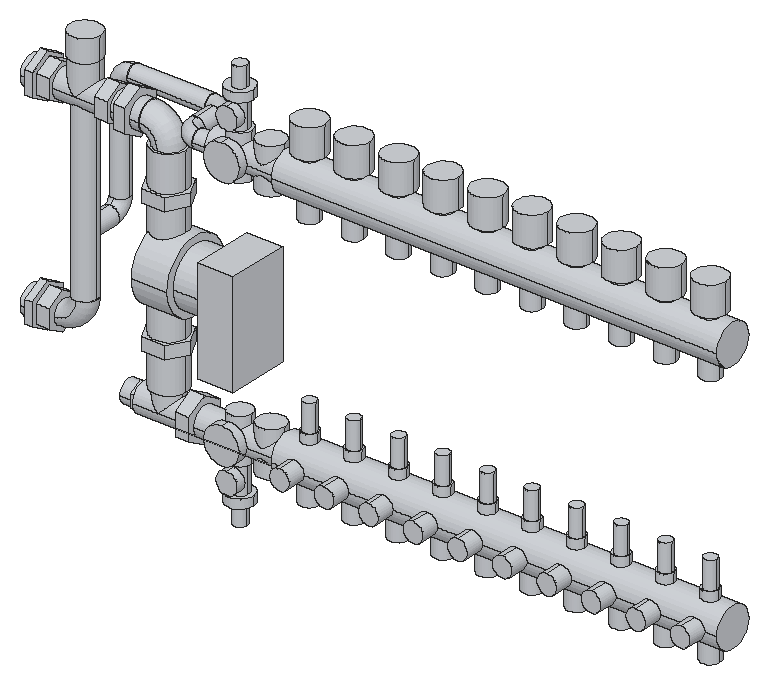
Revit family "318_9a689d3108a543b69a2137953e2806", category Pipe Accessories, Revit 2017
Family settings
  Round Connector Dimension = Use Diameter
  Part Type = Valve - Normal
  Work Plane-Based = No
  Always vertical = Yes
  Cut with Voids When Loaded = No
  Shared = No
Parameters (values of type "R559NY010")
  magi_piping_qv_2_9 [instance] = 0.0 L/s
  magi_piping_qv_2_8 [instance] = 0.0 L/s
  magi_piping_qv_2_7 [instance] = 0.0 L/s
  magi_piping_qv_2_6 [instance] = 0.0 L/s
  magi_piping_qv_2_5 [instance] = 0.0 L/s
  magi_piping_qv_2_4 [instance] = 0.0 L/s
  magi_piping_qv_2_3 [instance] = 0.0 L/s
  magi_piping_qv_2_2 [instance] = 0.0 L/s
  magi_piping_qv_2_10 [instance] = 0.0 L/s
  magi_piping_qv_2_1 [instance] = 0.0 L/s
  magi_piping_qv_1_9 [instance] = 0.0 L/s
  magi_piping_qv_1_8 [instance] = 0.0 L/s
  magi_piping_qv_1_7 [instance] = 0.0 L/s
  magi_piping_qv_1_6 [instance] = 0.0 L/s
  magi_piping_qv_1_5 [instance] = 0.0 L/s
  magi_piping_qv_1_4 [instance] = 0.0 L/s
  magi_piping_qv_1_3 [instance] = 0.0 L/s
  magi_piping_qv_1_2 [instance] = 0.0 L/s
  magi_piping_qv_1_10 [instance] = 0.0 L/s
  magi_piping_qv_1_1 [instance] = 0.0 L/s
  magi_piping_qv [instance] = 0.0 L/s
  magi_piping_power_9 [instance] = 0 W
  magi_piping_power_8 [instance] = 0 W
  magi_piping_power_7 [instance] = 0 W
  magi_piping_power_6 [instance] = 0 W
  magi_piping_power_5 [instance] = 0 W
  magi_piping_power_4 [instance] = 0 W
  magi_piping_power_3 [instance] = 0 W
  magi_piping_power_2 [instance] = 0 W
  magi_piping_power_10 [instance] = 0 W
  magi_piping_power_1 [instance] = 0 W
  magi_piping_kv_9 [instance] = 0
  magi_piping_kv_8 [instance] = 0
  magi_piping_kv_7 [instance] = 0
  magi_piping_kv_6 [instance] = 0
  magi_piping_kv_5 [instance] = 0
  magi_piping_kv_4 [instance] = 0
  magi_piping_kv_3 [instance] = 0
  magi_piping_kv_2 [instance] = 0
  magi_piping_kv_10 [instance] = 0
  magi_piping_kv_1 [instance] = 0
  magi_piping_dpTot_9 [instance] = 0.0 Pa
  magi_piping_dpTot_8 [instance] = 0.0 Pa
  magi_piping_dpTot_7 [instance] = 0.0 Pa
  magi_piping_dpTot_6 [instance] = 0.0 Pa
  magi_piping_dpTot_5 [instance] = 0.0 Pa
  magi_piping_dpTot_4 [instance] = 0.0 Pa
  magi_piping_dpTot_3 [instance] = 0.0 Pa
  magi_piping_dpTot_2 [instance] = 0.0 Pa
  magi_piping_dpTot_10 [instance] = 0.0 Pa
  magi_piping_dpTot_1 [instance] = 0.0 Pa
  magi_adjustmentValue_9 [instance] = ""
  magi_adjustmentValue_8 [instance] = ""
  magi_adjustmentValue_7 [instance] = ""
  magi_adjustmentValue_6 [instance] = ""
  magi_adjustmentValue_5 [instance] = ""
  magi_adjustmentValue_4 [instance] = ""
  magi_adjustmentValue_3 [instance] = ""
  magi_adjustmentValue_2 [instance] = ""
  magi_adjustmentValue_10 [instance] = ""
  magi_adjustmentValue_1 [instance] = ""
  magiProductId = "9a689d3108a543b69a2137953e2806"
  magiProductFamilyId = "9a689d3108a543b69a2137953e2806"
  magiProductCode = "R559NY010"
  magiPartTypeId = 318
  X1 = 312 mm
  VersionID = "2.0/2016.10.37.0/GIACOMINI_R559N_001"
  VL1 = 287 mm
  URL = "http://www.giacomini.com/en"
  SMP = 25 mm
  SBP9 = 18 mm
  SBP8 = 18 mm
  SBP7 = 18 mm
  SBP6 = 18 mm
  SBP5 = 18 mm
  SBP4 = 18 mm
  SBP3 = 18 mm
  SBP2 = 18 mm
  SBP12 = 18 mm
  SBP11 = 18 mm
  SBP10 = 18 mm
  SBP1 = 18 mm
  RMP = 25 mm
  RBP9 = 18 mm
  RBP8 = 18 mm
  RBP7 = 18 mm
  RBP6 = 18 mm
  RBP5 = 18 mm
  RBP4 = 18 mm
  RBP3 = 18 mm
  RBP2 = 18 mm
  RBP12 = 18 mm
  RBP11 = 18 mm
  RBP10 = 18 mm
  RBP1 = 18 mm
  R2 = 22 mm
  QmdConnectorList = "321;SMP;322;SBP1;323;SBP2;324;SBP3;325;SBP4;326;SBP5;327;SBP6;328;SBP7;329;SBP8;330;SBP9;331;SBP10;351;RMP;352;RBP1;353;RBP2;354;RBP3;355;RBP4;356;RBP5;357;RBP6;358;RBP7;359;RBP8;360;RBP9;361;RBP10"
  Productdata [instance] = "© Progman Oy, all rights reserved"
  N9 = yes
  N8 = yes
  N7 = yes
  N6 = yes
  N5 = yes
  N12 = no
  N11 = no
  N10 = yes
  Manufacturer = "Giacomini"
  MC_Default_elevation = 0 mm
  L = 500 mm
  I = 50 mm
  H5 = 33 mm
  H4 = 5 mm
  H3__ve = -H3  # -40 mm
  H3 = 40 mm
  H2__ve = -H2  # -20 mm
  H2 = 20 mm
  H12 = 30 mm
  H11 = 10 mm
  Flow supply main [instance] = Flow supply 1 + Flow supply 2 + Flow supply 3 + Flow supply 4 + Flow supply 5 + Flow supply 6 + Flow supply 7 + Flow supply 8 + Flow supply 9 + Flow supply 10  # 0.0 L/s
  Flow supply 9 [instance] = 0.0 L/s
  Flow supply 8 [instance] = 0.0 L/s
  Flow supply 7 [instance] = 0.0 L/s
  Flow supply 6 [instance] = 0.0 L/s
  Flow supply 5 [instance] = 0.0 L/s
  Flow supply 4 [instance] = 0.0 L/s
  Flow supply 3 [instance] = 0.0 L/s
  Flow supply 2 [instance] = 0.0 L/s
  Flow supply 10 [instance] = 0.0 L/s
  Flow supply 1 [instance] = 0.0 L/s
  Flow return main [instance] = Flow return 1 + Flow return 2 + Flow return 3 + Flow return 4 + Flow return 5 + Flow return 6 + Flow return 7 + Flow return 8 + Flow return 9 + Flow return 10  # 0.0 L/s
  Flow return 9 [instance] = 0.0 L/s
  Flow return 8 [instance] = 0.0 L/s
  Flow return 7 [instance] = 0.0 L/s
  Flow return 6 [instance] = 0.0 L/s
  Flow return 5 [instance] = 0.0 L/s
  Flow return 4 [instance] = 0.0 L/s
  Flow return 3 [instance] = 0.0 L/s
  Flow return 2 [instance] = 0.0 L/s
  Flow return 10 [instance] = 0.0 L/s
  Flow return 1 [instance] = 0.0 L/s
  E = 285 mm
  Description = "MANIFOLD WITH MIXING VALVE AND ELECTRONIC REGULATION"
  D4 = 22 mm
  D32 = 14 mm
  D31 = 18 mm
  D2 = 44 mm
  CAT0 = yes
Reference planes
  plane 1 "Center (Front/Back)": y = 0
  plane 2 "XYPLANE": z = 0
  plane 3 "Center (Left/Right)": x = 0
  plane 4 "INIT_TEMP": y = 100
  plane 5 "634": y = -5
  plane 6 "630": y = 10
  plane 7 "629": x = 192
  plane 8 "626": x = 177
  plane 9 "621": x = 162
  plane 10 "619": z = 0
  plane 11 "615": x = 75
  plane 12 "614": z = -15
  plane 13 "611": y = 50
  plane 14 "607": z = -126
  plane 15 "606": y = 35
  plane 16 "603": z = -141
  plane 17 "598": x = 122
  plane 18 "595": x = 133
  plane 19 "256": z = -325
  plane 20 "255": z = -162.5
  plane 21 "254": x = 214
  plane 22 "253": x = 184
  plane 23 "252": z = -142.5
  plane 24 "251": x = 144
  plane 25 "250": z = -210
  plane 26 "249": z = 36
  plane 27 "248": z = 67
  plane 28 "247": z = 57
  plane 29 "246": z = 41
  plane 30 "245": z = 25
  plane 31 "244": x = 234
  plane 32 "243": x = 126
  plane 33 "242": z = -231
  plane 34 "241": x = 137
  plane 35 "240": x = 194
  plane 36 "239": y = -16
  plane 37 "238": y = -9
  plane 38 "237": z = -326
  plane 39 "236": z = -352
  plane 40 "235": z = -342
  plane 41 "234": z = -224
  plane 42 "233": z = -264
  plane 43 "232": z = -61
  plane 44 "231": z = -21
  plane 45 "230": x = 287
  plane 46 "229": z = -263
  plane 47 "228": x = 0
  plane 48 "227": y = 0
  plane 49 "226": z = -285
  plane 50 "225": z = 0
  plane 51 "224": z = 22
  plane 52 "223": x = 312
  plane 53 "222": x = 362
  plane 54 "221": y = -22
  plane 55 "220": x = 412
  plane 56 "219": x = 462
  plane 57 "218": x = 512
  plane 58 "217": x = 562
  plane 59 "216": x = 612
  plane 60 "215": x = 662
  plane 61 "214": x = 712
  plane 62 "213": x = 762
  plane 63 "212": x = 812
  plane 64 "211": x = 862
  plane 65 "210": z = -310
  plane 66 "209": z = 27
  plane 67 "208": z = -253
  plane 68 "207": x = 154
  plane 69 "206": z = 25
  plane 70 "205": x = 269
  plane 71 "204": z = -260
  plane 72 "203": x = 60
  plane 73 "202": x = 100
  plane 74 "201": x = 20
  plane 75 "200": x = 35
  plane 76 "199": z = -206
  plane 77 "198": z = -40
  plane 78 "4": x = 10
Forms (mm)
  Extrusion 1, solid
    sketch origin (192, -750, 0) x (0, 1, 0) y (0, 0, 1)
      loop
        circle (745, 0) r 10
    from 0 to 15
  Revolve 2, solid
    sketch origin (177, 10, 0) x (0, 0, -1) y (1, 0, 0)
      loop
        circle (0, 0) r 10
      axis (-10, 15) -> (10, 15)
    angle from 0 to -90
  Extrusion 3, solid
    sketch origin (750, 35, 0) x (-1, 0, 0) y (0, 0, 1)
      loop
        circle (573, 0) r 10
    from 0 to -25
  Revolve 4, solid
    sketch origin (162, 50, 0) x (0, 1, 0) y (0, 0, 1)
      loop
        circle (0, 0) r 10
      axis (-15, 0) -> (-15, 1)
    angle from 0 to -90
  Extrusion 5, solid
    sketch origin (75, -750, 0) x (0, 1, 0) y (0, 0, 1)
      loop
        circle (800, 0) r 10
    from 0 to 87
  Revolve 6, solid
    sketch origin (60, 50, -15) x (1, 0, 0) y (0, 1, 0)
      loop
        circle (0, 0) r 10
      axis (15, 0) -> (15, -1)
    angle from 0 to -90
  Extrusion 7, solid
    sketch origin (-750, 0, -126) x (1, 0, 0) y (0, 1, 0)
      loop
        circle (810, 50) r 10
    from 0 to 111
  Revolve 8, solid
    sketch origin (60, 35, -141) x (0, 0, 1) y (1, 0, 0)
      loop
        circle (0, 0) r 10
      axis (15, 0) -> (15, -1)
    angle from 0 to -90
  Extrusion 9, solid
    sketch origin (750, 0, 0) x (-1, 0, 0) y (0, 0, 1)
      loop
        circle (690, -141) r 10
    from 0 to 35
  Revolve 10, solid
    sketch origin (133, 0, 0) x (0, 1, 0) y (0, 0, 1)
      loop
        circle (0, 0) r 16
      axis (16, -21) -> (-16, -21)
    angle from 0 to -90
  Extrusion 11, solid
    sketch origin (10, -750, 0) x (0, 1, 0) y (0, 0, 1)
      loop
        line (750, 25) -> (728.349, 12.5) -> (728.349, -12.5) -> (750, -25) -> (771.651, -12.5) -> (771.651, 12.5) -> (750, 25)
    from 0 to 8
  Extrusion 12, solid
    sketch origin (0, -750, 0) x (0, 1, 0) y (0, 0, 1)
      loop
        circle (750, 0) r 16
    from 0 to 133
  Extrusion 13, solid
    sketch origin (-750, 0, 36) x (1, 0, 0) y (0, 1, 0)
      loop
        circle (810, 0) r 17
    from 0 to 25
  Extrusion 14, solid
    sketch origin (214, -750, 0) x (0, 1, 0) y (0, 0, 1)
      loop
        line (715, -104.5) -> (715, -220.5) -> (785, -220.5) -> (785, -104.5) -> (715, -104.5)
    from 0 to 40
  Extrusion 15, solid
    sketch origin (184, -750, 0) x (0, 1, 0) y (0, 0, 1)
      loop
        circle (750, -142.5) r 32.5
    from 0 to 30
  Extrusion 16, solid
    sketch origin (144, -750, 0) x (0, 1, 0) y (0, 0, 1)
      loop
        circle (750, -142.5) r 40
    from 0 to 40
  Extrusion 17, solid
    sketch origin (-750, 0, -210) x (1, 0, 0) y (0, 1, 0)
      loop
        circle (904, 0) r 19
    from 0 to 135
  Extrusion 18, solid
    sketch origin (-750, 0, 0) x (1, 0, 0) y (0, 1, 0)
      loop
        circle (810, 0) r 16
    from 0 to 36
  Extrusion 19, solid
    sketch origin (750, -16, 0) x (-1, 0, 0) y (0, 0, 1)
      loop
        circle (516, 0) r 20
    from 0 to -10
  Extrusion 20, solid
    sketch origin (-750, 0, 25) x (1, 0, 0) y (0, 1, 0)
      loop
        circle (984, 0) r 9
    from 0 to 32
  Extrusion 21, solid
    sketch origin (-750, 0, 57) x (1, 0, 0) y (0, 1, 0)
      loop
        circle (984, 0) r 15
    from 0 to 10
  Extrusion 22, solid
    sketch origin (-750, 0, 67) x (1, 0, 0) y (0, 1, 0)
      loop
        circle (984, 0) r 7.5
    from 0 to 22
  Extrusion 23, solid
    sketch origin (750, -9, 0) x (-1, 0, 0) y (0, 0, 1)
      loop
        circle (516, 41) r 12
    from 0 to -10
  Extrusion 24, solid
    sketch origin (-750, 0, 25) x (1, 0, 0) y (0, 1, 0)
      loop
        circle (984, 0) r 13
    from 0 to -50
  Extrusion 25, solid
    sketch origin (750, -16, 0) x (-1, 0, 0) y (0, 0, 1)
      loop
        circle (516, -285) r 20
    from 0 to -10
  Extrusion 26, solid
    sketch origin (750, -9, 0) x (-1, 0, 0) y (0, 0, 1)
      loop
        circle (516, -326) r 12
    from 0 to -10
  Extrusion 27, solid
    sketch origin (-750, 0, -352) x (1, 0, 0) y (0, 1, 0)
      loop
        circle (984, 0) r 7.5
    from 0 to -22
  Extrusion 28, solid
    sketch origin (-750, 0, -342) x (1, 0, 0) y (0, 1, 0)
      loop
        circle (984, 0) r 15
    from 0 to -10
  Extrusion 29, solid
    sketch origin (-750, 0, -310) x (1, 0, 0) y (0, 1, 0)
      loop
        circle (984, 0) r 9
    from 0 to -32
  Extrusion 30, solid
    sketch origin (-750, 0, -264) x (1, 0, 0) y (0, 1, 0)
      loop
        circle (904, 0) r 19
    from 0 to 40
  Extrusion 31, solid
    sketch origin (-750, 0, -285) x (1, 0, 0) y (0, 1, 0)
      loop
        circle (904, 0) r 16
    from 0 to 21
  Extrusion 32, solid
    sketch origin (-750, 0, -224) x (1, 0, 0) y (0, 1, 0)
      loop
        line (929, 0) -> (916.5, 21.651) -> (891.5, 21.651) -> (879, 0) -> (891.5, -21.651) -> (916.5, -21.651) -> (929, 0)
    from 0 to 14
  Extrusion 33, solid
    sketch origin (-750, 0, -61) x (1, 0, 0) y (0, 1, 0)
      loop
        line (879, 0) -> (891.5, -21.651) -> (916.5, -21.651) -> (929, 0) -> (916.5, 21.651) -> (891.5, 21.651) -> (879, 0)
    from 0 to -14
  Extrusion 34, solid
    sketch origin (-750, 0, -21) x (1, 0, 0) y (0, 1, 0)
      loop
        circle (904, 0) r 19
    from 0 to -40
  Extrusion 35, solid, visible <- "CAT0"
    sketch origin (126, -750, 0) x (0, 1, 0) y (0, 0, 1)
      loop
        circle (750, -285) r 12.5
    from 0 to -17
  Extrusion 36, solid
    sketch origin (137, -750, 0) x (0, 1, 0) y (0, 0, 1)
      loop
        line (750, -270) -> (737.01, -277.5) -> (737.01, -292.5) -> (750, -300) -> (762.99, -292.5) -> (762.99, -277.5) -> (750, -270)
    from 0 to -15
  Extrusion 37, solid
    sketch origin (122, -750, 0) x (0, 1, 0) y (0, 0, 1)
      loop
        line (750, 25) -> (728.349, 12.5) -> (728.349, -12.5) -> (750, -25) -> (771.651, -12.5) -> (771.651, 12.5) -> (750, 25)
    from 0 to -13
  Extrusion 38, solid
    sketch origin (287, -750, 0) x (0, 1, 0) y (0, 0, 1)
      loop
        circle (750, 0) r 16
    from 0 to -80
  Extrusion 39, solid
    sketch origin (194, -750, 0) x (0, 1, 0) y (0, 0, 1)
      loop
        line (750, -260) -> (728.349, -272.5) -> (728.349, -297.5) -> (750, -310) -> (771.651, -297.5) -> (771.651, -272.5) -> (750, -260)
    from 0 to -15
  Extrusion 40, solid
    sketch origin (287, -750, 0) x (0, 1, 0) y (0, 0, 1)
      loop
        circle (750, -285) r 16
    from 0 to -161
  Extrusion 41, solid, visible <- "N10"
    sketch origin (-750, 0, 0) x (1, 0, 0) y (0, 1, 0)
      loop
        circle (1512, 0) r 11
    from 0 to -40 <- "H3__ve"
  Extrusion 42, solid, visible <- "N10"
    sketch origin (-750, 0, 22) x (1, 0, 0) y (0, 1, 0)
      loop
        circle (1512, 0) r 11
    from 0 to 5 <- "H4"
  Extrusion 43, solid, visible <- "N10"
    sketch origin (-750, 0, 27) x (1, 0, 0) y (0, 1, 0)
      loop
        circle (1512, 0) r 17.5
    from 0 to 33 <- "H5"
  Extrusion 44, solid, visible <- "N12"
    sketch origin (-750, 0, 27) x (1, 0, 0) y (0, 1, 0)
      loop
        circle (1612, 0) r 17.5
    from 0 to 33 <- "H5"
  Extrusion 45, solid, visible <- "N12"
    sketch origin (-750, 0, 22) x (1, 0, 0) y (0, 1, 0)
      loop
        circle (1612, 0) r 11
    from 0 to 5 <- "H4"
  Extrusion 46, solid, visible <- "N12"
    sketch origin (-750, 0, 0) x (1, 0, 0) y (0, 1, 0)
      loop
        circle (1612, 0) r 11
    from 0 to -40 <- "H3__ve"
  Extrusion 47, solid, visible <- "N11"
    sketch origin (-750, 0, 0) x (1, 0, 0) y (0, 1, 0)
      loop
        circle (1562, 0) r 11
    from 0 to -40 <- "H3__ve"
  Extrusion 48, solid, visible <- "N11"
    sketch origin (-750, 0, 22) x (1, 0, 0) y (0, 1, 0)
      loop
        circle (1562, 0) r 11
    from 0 to 5 <- "H4"
  Extrusion 49, solid, visible <- "N11"
    sketch origin (-750, 0, 27) x (1, 0, 0) y (0, 1, 0)
      loop
        circle (1562, 0) r 17.5
    from 0 to 33 <- "H5"
  Extrusion 50, solid, visible <- "N8"
    sketch origin (-750, 0, 27) x (1, 0, 0) y (0, 1, 0)
      loop
        circle (1412, 0) r 17.5
    from 0 to 33 <- "H5"
  Extrusion 51, solid, visible <- "N8"
    sketch origin (-750, 0, 22) x (1, 0, 0) y (0, 1, 0)
      loop
        circle (1412, 0) r 11
    from 0 to 5 <- "H4"
  Extrusion 52, solid, visible <- "N8"
    sketch origin (-750, 0, 0) x (1, 0, 0) y (0, 1, 0)
      loop
        circle (1412, 0) r 11
    from 0 to -40 <- "H3__ve"
  Extrusion 53, solid, visible <- "N9"
    sketch origin (-750, 0, 0) x (1, 0, 0) y (0, 1, 0)
      loop
        circle (1462, 0) r 11
    from 0 to -40 <- "H3__ve"
  Extrusion 54, solid, visible <- "N9"
    sketch origin (-750, 0, 22) x (1, 0, 0) y (0, 1, 0)
      loop
        circle (1462, 0) r 11
    from 0 to 5 <- "H4"
  Extrusion 55, solid, visible <- "N9"
    sketch origin (-750, 0, 27) x (1, 0, 0) y (0, 1, 0)
      loop
        circle (1462, 0) r 17.5
    from 0 to 33 <- "H5"
  Extrusion 56, solid, visible <- "N7"
    sketch origin (-750, 0, 27) x (1, 0, 0) y (0, 1, 0)
      loop
        circle (1362, 0) r 17.5
    from 0 to 33 <- "H5"
  Extrusion 57, solid, visible <- "N7"
    sketch origin (-750, 0, 22) x (1, 0, 0) y (0, 1, 0)
      loop
        circle (1362, 0) r 11
    from 0 to 5 <- "H4"
  Extrusion 58, solid, visible <- "N7"
    sketch origin (-750, 0, 0) x (1, 0, 0) y (0, 1, 0)
      loop
        circle (1362, 0) r 11
    from 0 to -40 <- "H3__ve"
  Extrusion 59, solid, visible <- "N6"
    sketch origin (-750, 0, 0) x (1, 0, 0) y (0, 1, 0)
      loop
        circle (1312, 0) r 11
    from 0 to -40 <- "H3__ve"
  Extrusion 60, solid, visible <- "N6"
    sketch origin (-750, 0, 22) x (1, 0, 0) y (0, 1, 0)
      loop
        circle (1312, 0) r 11
    from 0 to 5 <- "H4"
  Extrusion 61, solid, visible <- "N6"
    sketch origin (-750, 0, 27) x (1, 0, 0) y (0, 1, 0)
      loop
        circle (1312, 0) r 17.5
    from 0 to 33 <- "H5"
  Extrusion 62, solid, visible <- "N5"
    sketch origin (-750, 0, 27) x (1, 0, 0) y (0, 1, 0)
      loop
        circle (1262, 0) r 17.5
    from 0 to 33 <- "H5"
  Extrusion 63, solid, visible <- "N5"
    sketch origin (-750, 0, 22) x (1, 0, 0) y (0, 1, 0)
      loop
        circle (1262, 0) r 11
    from 0 to 5 <- "H4"
  Extrusion 64, solid, visible <- "N5"
    sketch origin (-750, 0, 0) x (1, 0, 0) y (0, 1, 0)
      loop
        circle (1262, 0) r 11
    from 0 to -40 <- "H3__ve"
  Extrusion 65, solid
    sketch origin (-750, 0, 0) x (1, 0, 0) y (0, 1, 0)
      loop
        circle (1212, 0) r 11
    from 0 to -40 <- "H3__ve"
  Extrusion 66, solid
    sketch origin (-750, 0, 22) x (1, 0, 0) y (0, 1, 0)
      loop
        circle (1212, 0) r 11
    from 0 to 5 <- "H4"
  Extrusion 67, solid
    sketch origin (-750, 0, 27) x (1, 0, 0) y (0, 1, 0)
      loop
        circle (1212, 0) r 17.5
    from 0 to 33 <- "H5"
  Extrusion 68, solid
    sketch origin (-750, 0, 27) x (1, 0, 0) y (0, 1, 0)
      loop
        circle (1162, 0) r 17.5
    from 0 to 33 <- "H5"
  Extrusion 69, solid
    sketch origin (-750, 0, 22) x (1, 0, 0) y (0, 1, 0)
      loop
        circle (1162, 0) r 11
    from 0 to 5 <- "H4"
  Extrusion 70, solid
    sketch origin (-750, 0, 22) x (1, 0, 0) y (0, 1, 0)
      loop
        circle (1112, 0) r 11
    from 0 to 5 <- "H4"
  Extrusion 71, solid
    sketch origin (-750, 0, 27) x (1, 0, 0) y (0, 1, 0)
      loop
        circle (1112, 0) r 17.5
    from 0 to 33 <- "H5"
  Extrusion 72, solid
    sketch origin (-750, 0, 27) x (1, 0, 0) y (0, 1, 0)
      loop
        circle (1062, 0) r 17.5
    from 0 to 33 <- "H5"
  Extrusion 73, solid
    sketch origin (-750, 0, 22) x (1, 0, 0) y (0, 1, 0)
      loop
        circle (1062, 0) r 11
    from 0 to 5 <- "H4"
  Extrusion 74, solid
    sketch origin (-750, 0, 0) x (1, 0, 0) y (0, 1, 0)
      loop
        circle (1162, 0) r 11
    from 0 to -40 <- "H3__ve"
  Extrusion 75, solid
    sketch origin (-750, 0, 0) x (1, 0, 0) y (0, 1, 0)
      loop
        circle (1062, 0) r 11
    from 0 to -40 <- "H3__ve"
  Extrusion 76, solid
    sketch origin (-750, 0, 0) x (1, 0, 0) y (0, 1, 0)
      loop
        circle (1112, 0) r 11
    from 0 to -40 <- "H3__ve"
  Extrusion 77, solid
    sketch origin (287, -750, 0) x (0, 1, 0) y (0, 0, 1)
      loop
        circle (750, 0) r 22
    from 0 to 500 <- "L"
  Extrusion 78, solid, visible <- "N8"
    sketch origin (-750, 0, -285) x (1, 0, 0) y (0, 1, 0)
      loop
        circle (1412, 0) r 11
    from 0 to -40 <- "H3__ve"
  Extrusion 79, solid, visible <- "N9"
    sketch origin (-750, 0, -285) x (1, 0, 0) y (0, 1, 0)
      loop
        circle (1462, 0) r 11
    from 0 to -40 <- "H3__ve"
  Extrusion 80, solid, visible <- "N10"
    sketch origin (-750, 0, -285) x (1, 0, 0) y (0, 1, 0)
      loop
        circle (1512, 0) r 11
    from 0 to -40 <- "H3__ve"
  Extrusion 81, solid, visible <- "N11"
    sketch origin (-750, 0, -285) x (1, 0, 0) y (0, 1, 0)
      loop
        circle (1562, 0) r 11
    from 0 to -40 <- "H3__ve"
  Extrusion 82, solid, visible <- "N12"
    sketch origin (-750, 0, -285) x (1, 0, 0) y (0, 1, 0)
      loop
        circle (1612, 0) r 11
    from 0 to -40 <- "H3__ve"
  Extrusion 83, solid, visible <- "N7"
    sketch origin (-750, 0, -285) x (1, 0, 0) y (0, 1, 0)
      loop
        circle (1362, 0) r 11
    from 0 to -40 <- "H3__ve"
  Extrusion 84, solid, visible <- "N6"
    sketch origin (-750, 0, -285) x (1, 0, 0) y (0, 1, 0)
      loop
        circle (1312, 0) r 11
    from 0 to -40 <- "H3__ve"
  Extrusion 85, solid, visible <- "N5"
    sketch origin (-750, 0, -285) x (1, 0, 0) y (0, 1, 0)
      loop
        circle (1262, 0) r 11
    from 0 to -40 <- "H3__ve"
  Extrusion 86, solid
    sketch origin (-750, 0, -285) x (1, 0, 0) y (0, 1, 0)
      loop
        circle (1212, 0) r 11
    from 0 to -40 <- "H3__ve"
  Extrusion 87, solid
    sketch origin (-750, 0, -285) x (1, 0, 0) y (0, 1, 0)
      loop
        circle (1162, 0) r 11
    from 0 to -40 <- "H3__ve"
  Extrusion 88, solid
    sketch origin (-750, 0, -285) x (1, 0, 0) y (0, 1, 0)
      loop
        circle (1112, 0) r 11
    from 0 to -40 <- "H3__ve"
  Extrusion 89, solid
    sketch origin (-750, 0, -285) x (1, 0, 0) y (0, 1, 0)
      loop
        circle (1062, 0) r 11
    from 0 to -40 <- "H3__ve"
  Extrusion 90, solid
    sketch origin (287, -750, 0) x (0, 1, 0) y (0, 0, 1)
      loop
        circle (750, -285) r 22
    from 0 to 500 <- "L"
  Extrusion 91, solid
    sketch origin (-750, 0, -263) x (1, 0, 0) y (0, 1, 0)
      loop
        circle (1062, 0) r 9
    from 0 to 10 <- "H11"
  Extrusion 92, solid
    sketch origin (750, -22, 0) x (-1, 0, 0) y (0, 0, 1)
      loop
        circle (438, -285) r 11
    from 0 to -20 <- "H2__ve"
  Extrusion 93, solid
    sketch origin (750, -22, 0) x (-1, 0, 0) y (0, 0, 1)
      loop
        circle (388, -285) r 11
    from 0 to -20 <- "H2__ve"
  Extrusion 94, solid
    sketch origin (750, -22, 0) x (-1, 0, 0) y (0, 0, 1)
      loop
        circle (338, -285) r 11
    from 0 to -20 <- "H2__ve"
  Extrusion 95, solid
    sketch origin (-750, 0, -253) x (1, 0, 0) y (0, 1, 0)
      loop
        circle (1062, 0) r 7
    from 0 to 30 <- "H12"
  Extrusion 96, solid
    sketch origin (-750, 0, -253) x (1, 0, 0) y (0, 1, 0)
      loop
        circle (1112, 0) r 7
    from 0 to 30 <- "H12"
  Extrusion 97, solid
    sketch origin (-750, 0, -263) x (1, 0, 0) y (0, 1, 0)
      loop
        circle (1112, 0) r 9
    from 0 to 10 <- "H11"
  Extrusion 98, solid
    sketch origin (-750, 0, -263) x (1, 0, 0) y (0, 1, 0)
      loop
        circle (1162, 0) r 9
    from 0 to 10 <- "H11"
  Extrusion 99, solid
    sketch origin (-750, 0, -253) x (1, 0, 0) y (0, 1, 0)
      loop
        circle (1162, 0) r 7
    from 0 to 30 <- "H12"
  Extrusion 100, solid
    sketch origin (-750, 0, -253) x (1, 0, 0) y (0, 1, 0)
      loop
        circle (1212, 0) r 7
    from 0 to 30 <- "H12"
  Extrusion 101, solid
    sketch origin (-750, 0, -263) x (1, 0, 0) y (0, 1, 0)
      loop
        circle (1212, 0) r 9
    from 0 to 10 <- "H11"
  Extrusion 102, solid
    sketch origin (750, -22, 0) x (-1, 0, 0) y (0, 0, 1)
      loop
        circle (288, -285) r 11
    from 0 to -20 <- "H2__ve"
  Extrusion 103, solid, visible <- "N5"
    sketch origin (750, -22, 0) x (-1, 0, 0) y (0, 0, 1)
      loop
        circle (238, -285) r 11
    from 0 to -20 <- "H2__ve"
  Extrusion 104, solid, visible <- "N5"
    sketch origin (-750, 0, -263) x (1, 0, 0) y (0, 1, 0)
      loop
        circle (1262, 0) r 9
    from 0 to 10 <- "H11"
  Extrusion 105, solid, visible <- "N5"
    sketch origin (-750, 0, -253) x (1, 0, 0) y (0, 1, 0)
      loop
        circle (1262, 0) r 7
    from 0 to 30 <- "H12"
  Extrusion 106, solid, visible <- "N6"
    sketch origin (-750, 0, -253) x (1, 0, 0) y (0, 1, 0)
      loop
        circle (1312, 0) r 7
    from 0 to 30 <- "H12"
  Extrusion 107, solid, visible <- "N6"
    sketch origin (-750, 0, -263) x (1, 0, 0) y (0, 1, 0)
      loop
        circle (1312, 0) r 9
    from 0 to 10 <- "H11"
  Extrusion 108, solid, visible <- "N6"
    sketch origin (750, -22, 0) x (-1, 0, 0) y (0, 0, 1)
      loop
        circle (188, -285) r 11
    from 0 to -20 <- "H2__ve"
  Extrusion 109, solid, visible <- "N7"
    sketch origin (750, -22, 0) x (-1, 0, 0) y (0, 0, 1)
      loop
        circle (138, -285) r 11
    from 0 to -20 <- "H2__ve"
  Extrusion 110, solid, visible <- "N7"
    sketch origin (-750, 0, -263) x (1, 0, 0) y (0, 1, 0)
      loop
        circle (1362, 0) r 9
    from 0 to 10 <- "H11"
  Extrusion 111, solid, visible <- "N7"
    sketch origin (-750, 0, -253) x (1, 0, 0) y (0, 1, 0)
      loop
        circle (1362, 0) r 7
    from 0 to 30 <- "H12"
  Extrusion 112, solid, visible <- "N8"
    sketch origin (-750, 0, -253) x (1, 0, 0) y (0, 1, 0)
      loop
        circle (1412, 0) r 7
    from 0 to 30 <- "H12"
  Extrusion 113, solid, visible <- "N8"
    sketch origin (-750, 0, -263) x (1, 0, 0) y (0, 1, 0)
      loop
        circle (1412, 0) r 9
    from 0 to 10 <- "H11"
  Extrusion 114, solid, visible <- "N8"
    sketch origin (750, -22, 0) x (-1, 0, 0) y (0, 0, 1)
      loop
        circle (88, -285) r 11
    from 0 to -20 <- "H2__ve"
  Extrusion 115, solid, visible <- "N10"
    sketch origin (750, -22, 0) x (-1, 0, 0) y (0, 0, 1)
      loop
        circle (-12, -285) r 11
    from 0 to -20 <- "H2__ve"
  Extrusion 116, solid, visible <- "N10"
    sketch origin (-750, 0, -263) x (1, 0, 0) y (0, 1, 0)
      loop
        circle (1512, 0) r 9
    from 0 to 10 <- "H11"
  Extrusion 117, solid, visible <- "N10"
    sketch origin (-750, 0, -253) x (1, 0, 0) y (0, 1, 0)
      loop
        circle (1512, 0) r 7
    from 0 to 30 <- "H12"
  Extrusion 118, solid, visible <- "N9"
    sketch origin (-750, 0, -253) x (1, 0, 0) y (0, 1, 0)
      loop
        circle (1462, 0) r 7
    from 0 to 30 <- "H12"
  Extrusion 119, solid, visible <- "N9"
    sketch origin (-750, 0, -263) x (1, 0, 0) y (0, 1, 0)
      loop
        circle (1462, 0) r 9
    from 0 to 10 <- "H11"
  Extrusion 120, solid, visible <- "N9"
    sketch origin (750, -22, 0) x (-1, 0, 0) y (0, 0, 1)
      loop
        circle (38, -285) r 11
    from 0 to -20 <- "H2__ve"
  Extrusion 121, solid, visible <- "N11"
    sketch origin (-750, 0, -253) x (1, 0, 0) y (0, 1, 0)
      loop
        circle (1562, 0) r 7
    from 0 to 30 <- "H12"
  Extrusion 122, solid, visible <- "N11"
    sketch origin (-750, 0, -263) x (1, 0, 0) y (0, 1, 0)
      loop
        circle (1562, 0) r 9
    from 0 to 10 <- "H11"
  Extrusion 123, solid, visible <- "N11"
    sketch origin (750, -22, 0) x (-1, 0, 0) y (0, 0, 1)
      loop
        circle (-62, -285) r 11
    from 0 to -20 <- "H2__ve"
  Extrusion 124, solid, visible <- "N12"
    sketch origin (750, -22, 0) x (-1, 0, 0) y (0, 0, 1)
      loop
        circle (-112, -285) r 11
    from 0 to -20 <- "H2__ve"
  Extrusion 125, solid, visible <- "N12"
    sketch origin (-750, 0, -263) x (1, 0, 0) y (0, 1, 0)
      loop
        circle (1612, 0) r 9
    from 0 to 10 <- "H11"
  Extrusion 126, solid, visible <- "N12"
    sketch origin (-750, 0, -253) x (1, 0, 0) y (0, 1, 0)
      loop
        circle (1612, 0) r 7
    from 0 to 30 <- "H12"
  Extrusion 127, solid, visible <- "CAT0"
    sketch origin (-750, 0, 25) x (1, 0, 0) y (0, 1, 0)
      loop
        circle (1019, 0) r 15
    from 0 to -50
  Extrusion 128, solid
    sketch origin (-750, 0, -310) x (1, 0, 0) y (0, 1, 0)
      loop
        circle (984, 0) r 13
    from 0 to 50
  Extrusion 129, solid, visible <- "CAT0"
    sketch origin (-750, 0, -260) x (1, 0, 0) y (0, 1, 0)
      loop
        circle (1019, 0) r 15
    from 0 to -50
  Extrusion 130, solid
    sketch origin (100, -750, 0) x (0, 1, 0) y (0, 0, 1)
      loop
        line (750, 21) -> (731.813, 10.5) -> (731.813, -10.5) -> (750, -21) -> (768.187, -10.5) -> (768.187, 10.5) -> (750, 21)
    from 0 to -15
  Extrusion 131, solid
    sketch origin (-750, 0, 0) x (1, 0, 0) y (0, 1, 0)
      loop
        circle (810, 0) r 13
    from 0 to -206
  Extrusion 132, solid
    sketch origin (20, -750, 0) x (0, 1, 0) y (0, 0, 1)
      loop
        line (750, 21) -> (731.813, 10.5) -> (731.813, -10.5) -> (750, -21) -> (768.187, -10.5) -> (768.187, 10.5) -> (750, 21)
    from 0 to 15
  Extrusion 133, solid
    sketch origin (20, -750, 0) x (0, 1, 0) y (0, 0, 1)
      loop
        line (750, -210) -> (731.813, -220.5) -> (731.813, -241.5) -> (750, -252) -> (768.187, -241.5) -> (768.187, -220.5) -> (750, -210)
    from 0 to 15
  Extrusion 134, solid
    sketch origin (20, -750, 0) x (0, 1, 0) y (0, 0, 1)
      loop
        circle (750, -231) r 16
    from 0 to -20
  Revolve 135, solid
    sketch origin (35, 0, -231) x (0, 1, 0) y (0, 0, 1)
      loop
        circle (0, 0) r 13
      axis (-13, 25) -> (13, 25)
    angle from 0 to -90
  Extrusion 136, solid
    sketch origin (10, -750, 0) x (0, 1, 0) y (0, 0, 1)
      loop
        line (750, -206) -> (728.349, -218.5) -> (728.349, -243.5) -> (750, -256) -> (771.651, -243.5) -> (771.651, -218.5) -> (750, -206)
    from 0 to 8
  Extrusion 137, solid, not visible
    sketch origin (-750, 0, -40) x (1, 0, 0) y (0, 1, 0)
      loop
        circle (1512, 0) r 10
    from 0 to 10
  Extrusion 138, solid, not visible
    sketch origin (-750, 0, -40) x (1, 0, 0) y (0, 1, 0)
      loop
        circle (1412, 0) r 10
    from 0 to 10
  Extrusion 139, solid, not visible
    sketch origin (-750, 0, -40) x (1, 0, 0) y (0, 1, 0)
      loop
        circle (1462, 0) r 10
    from 0 to 10
  Extrusion 140, solid, not visible
    sketch origin (-750, 0, -40) x (1, 0, 0) y (0, 1, 0)
      loop
        circle (1362, 0) r 10
    from 0 to 10
  Extrusion 141, solid, not visible
    sketch origin (-750, 0, -40) x (1, 0, 0) y (0, 1, 0)
      loop
        circle (1312, 0) r 10
    from 0 to 10
  Extrusion 142, solid, not visible
    sketch origin (-750, 0, -40) x (1, 0, 0) y (0, 1, 0)
      loop
        circle (1262, 0) r 10
    from 0 to 10
  Extrusion 143, solid, not visible
    sketch origin (-750, 0, -40) x (1, 0, 0) y (0, 1, 0)
      loop
        circle (1212, 0) r 10
    from 0 to 10
  Extrusion 144, solid, not visible
    sketch origin (-750, 0, -40) x (1, 0, 0) y (0, 1, 0)
      loop
        circle (1112, 0) r 10
    from 0 to 10
  Extrusion 145, solid, not visible
    sketch origin (-750, 0, -40) x (1, 0, 0) y (0, 1, 0)
      loop
        circle (1062, 0) r 10
    from 0 to 10
  Extrusion 146, solid, not visible
    sketch origin (-750, 0, -40) x (1, 0, 0) y (0, 1, 0)
      loop
        circle (1162, 0) r 10
    from 0 to 10
  Extrusion 147, solid, not visible
    sketch origin (-750, 0, -325) x (1, 0, 0) y (0, 1, 0)
      loop
        circle (1412, 0) r 10
    from 0 to 10
  Extrusion 148, solid, not visible
    sketch origin (-750, 0, -325) x (1, 0, 0) y (0, 1, 0)
      loop
        circle (1462, 0) r 10
    from 0 to 10
  Extrusion 149, solid, not visible
    sketch origin (-750, 0, -325) x (1, 0, 0) y (0, 1, 0)
      loop
        circle (1512, 0) r 10
    from 0 to 10
  Extrusion 150, solid, not visible
    sketch origin (-750, 0, -325) x (1, 0, 0) y (0, 1, 0)
      loop
        circle (1362, 0) r 10
    from 0 to 10
  Extrusion 151, solid, not visible
    sketch origin (-750, 0, -325) x (1, 0, 0) y (0, 1, 0)
      loop
        circle (1312, 0) r 10
    from 0 to 10
  Extrusion 152, solid, not visible
    sketch origin (-750, 0, -325) x (1, 0, 0) y (0, 1, 0)
      loop
        circle (1262, 0) r 10
    from 0 to 10
  Extrusion 153, solid, not visible
    sketch origin (-750, 0, -325) x (1, 0, 0) y (0, 1, 0)
      loop
        circle (1212, 0) r 10
    from 0 to 10
  Extrusion 154, solid, not visible
    sketch origin (-750, 0, -325) x (1, 0, 0) y (0, 1, 0)
      loop
        circle (1162, 0) r 10
    from 0 to 10
  Extrusion 155, solid, not visible
    sketch origin (0, -750, 0) x (0, 1, 0) y (0, 0, 1)
      loop
        circle (750, 0) r 10
    from 0 to 10
  Extrusion 156, solid, not visible
    sketch origin (0, -750, 0) x (0, 1, 0) y (0, 0, 1)
      loop
        circle (750, -231) r 10
    from 0 to 10
  Extrusion 157, solid, not visible
    sketch origin (-750, 0, -325) x (1, 0, 0) y (0, 1, 0)
      loop
        circle (1062, 0) r 10
    from 0 to 10
  Extrusion 158, solid, not visible
    sketch origin (-750, 0, -325) x (1, 0, 0) y (0, 1, 0)
      loop
        circle (1112, 0) r 10
    from 0 to 10
Text (mm)
  text "© Progman Oy, all rights reserved" at (-472.209, -2482.653, 0), in view "Ref. Level"
Dimensions and locks
  plane 4 "INIT_TEMP" to plane 1 "Center (Front/Back)" = 100 mm
  locked: plane 6 "630" to plane 5 "634" at 15
  locked: plane 15 "606" to plane 6 "630" at 25
  locked: plane 8 "626" to plane 7 "629" at 15
  locked: plane 9 "621" to plane 8 "626" at 15
  locked: plane 11 "615" to plane 9 "621" at 87
  locked: plane 12 "614" to plane 10 "619" at 15
  locked: plane 72 "203" to plane 11 "615" at 15
  locked: plane 14 "607" to plane 12 "614" at 111
  locked: plane 15 "606" to plane 13 "611" at 15
  locked: plane 16 "603" to plane 14 "607" at 15
  locked: plane 1 "Center (Front/Back)" to plane 15 "606" at 35
  locked: plane 2 "XYPLANE" to plane 16 "603" at 141
  locked: plane 73 "202" to plane 17 "598" at 22
  locked: plane 68 "207" to plane 18 "595" at 21
  "H3": plane 49 "226" to plane 19 "256"
  locked: plane 23 "252" to plane 20 "255" at 20
  locked: plane 22 "253" to plane 21 "254" at 30
  locked: plane 24 "251" to plane 22 "253" at 40
  locked: plane 25 "250" to plane 23 "252" at 67.5
  locked: plane 68 "207" to plane 24 "251" at 10
  locked: plane 41 "234" to plane 25 "250" at 14
  locked: plane 2 "XYPLANE" to plane 26 "249" at 36
  locked: plane 28 "247" to plane 27 "248" at 10
  locked: plane 30 "245" to plane 28 "247" at 32
  locked: plane 30 "245" to plane 29 "246" at 16
  locked: plane 2 "XYPLANE" to plane 30 "245" at 25
  locked: plane 45 "230" to plane 31 "244" at 53
  locked: plane 45 "230" to plane 32 "243" at 161
  locked: plane 2 "XYPLANE" to plane 33 "242" at 231
  locked: plane 68 "207" to plane 34 "241" at 17
  locked: plane 68 "207" to plane 35 "240" at 40
  locked: plane 1 "Center (Front/Back)" to plane 36 "239" at 16
  locked: plane 1 "Center (Front/Back)" to plane 37 "238" at 9
  locked: plane 65 "210" to plane 38 "237" at 16
  locked: plane 40 "235" to plane 39 "236" at 10
  locked: plane 65 "210" to plane 40 "235" at 32
  locked: plane 42 "233" to plane 41 "234" at 40
  locked: plane 49 "226" to plane 42 "233" at 21
  locked: plane 44 "231" to plane 43 "232" at 40
  locked: plane 2 "XYPLANE" to plane 44 "231" at 21
  "VL1": plane 3 "Center (Left/Right)" to plane 45 "230"
  "R2": plane 49 "226" to plane 46 "229"
  locked: plane 3 "Center (Left/Right)" to plane 47 "228"
  locked: plane 1 "Center (Front/Back)" to plane 48 "227"
  "E": plane 2 "XYPLANE" to plane 49 "226"
  locked: plane 2 "XYPLANE" to plane 50 "225"
  "R2": plane 2 "XYPLANE" to plane 51 "224"
  "X1": plane 3 "Center (Left/Right)" to plane 52 "223"
  "I": plane 52 "223" to plane 53 "222"
  "R2": plane 1 "Center (Front/Back)" to plane 54 "221"
  "I": plane 53 "222" to plane 55 "220"
  "I": plane 55 "220" to plane 56 "219"
  "I": plane 56 "219" to plane 57 "218"
  "I": plane 57 "218" to plane 58 "217"
  "I": plane 58 "217" to plane 59 "216"
  "I": plane 59 "216" to plane 60 "215"
  "I": plane 60 "215" to plane 61 "214"
  "I": plane 61 "214" to plane 62 "213"
  "I": plane 62 "213" to plane 63 "212"
  "I": plane 63 "212" to plane 64 "211"
  locked: plane 49 "226" to plane 65 "210" at 25
  "H4": plane 51 "224" to plane 66 "209"
  "H11": plane 46 "229" to plane 67 "208"
  locked: plane 3 "Center (Left/Right)" to plane 68 "207" at 154
  locked: plane 2 "XYPLANE" to plane 69 "206" at 25
  locked: plane 45 "230" to plane 70 "205" at 18
  locked: plane 49 "226" to plane 71 "204" at 25
  locked: plane 45 "230" to plane 72 "203" at 227
  locked: plane 72 "203" to plane 73 "202" at 40
  locked: plane 72 "203" to plane 74 "201" at 40
  locked: plane 74 "201" to plane 75 "200" at 15
  locked: plane 33 "242" to plane 76 "199" at 25
  "H3": plane 2 "XYPLANE" to plane 77 "198"
  locked: plane 3 "Center (Left/Right)" to plane 78 "4" at 10
  "D4": diameter of Extrusion 41 sketch curve
  "D4": diameter of Extrusion 42 sketch curve
  diameter of Extrusion 43 sketch curve = 35 mm
  diameter of Extrusion 44 sketch curve = 35 mm
  "D4": diameter of Extrusion 45 sketch curve
  "D4": diameter of Extrusion 46 sketch curve
  "D4": diameter of Extrusion 47 sketch curve
  "D4": diameter of Extrusion 48 sketch curve
  diameter of Extrusion 49 sketch curve = 35 mm
  diameter of Extrusion 50 sketch curve = 35 mm
  "D4": diameter of Extrusion 51 sketch curve
  "D4": diameter of Extrusion 52 sketch curve
  "D4": diameter of Extrusion 53 sketch curve
  "D4": diameter of Extrusion 54 sketch curve
  diameter of Extrusion 55 sketch curve = 35 mm
  diameter of Extrusion 56 sketch curve = 35 mm
  "D4": diameter of Extrusion 57 sketch curve
  "D4": diameter of Extrusion 58 sketch curve
  "D4": diameter of Extrusion 59 sketch curve
  "D4": diameter of Extrusion 60 sketch curve
  diameter of Extrusion 61 sketch curve = 35 mm
  diameter of Extrusion 62 sketch curve = 35 mm
  "D4": diameter of Extrusion 63 sketch curve
  "D4": diameter of Extrusion 64 sketch curve
  "D4": diameter of Extrusion 65 sketch curve
  "D4": diameter of Extrusion 66 sketch curve
  diameter of Extrusion 67 sketch curve = 35 mm
  diameter of Extrusion 68 sketch curve = 35 mm
  "D4": diameter of Extrusion 69 sketch curve
  "D4": diameter of Extrusion 70 sketch curve
  diameter of Extrusion 71 sketch curve = 35 mm
  diameter of Extrusion 72 sketch curve = 35 mm
  "D4": diameter of Extrusion 73 sketch curve
  "D4": diameter of Extrusion 74 sketch curve
  "D4": diameter of Extrusion 75 sketch curve
  "D4": diameter of Extrusion 76 sketch curve
  "D2": diameter of Extrusion 77 sketch curve
  "D4": diameter of Extrusion 78 sketch curve
  "D4": diameter of Extrusion 79 sketch curve
  "D4": diameter of Extrusion 80 sketch curve
  "D4": diameter of Extrusion 81 sketch curve
  "D4": diameter of Extrusion 82 sketch curve
  "D4": diameter of Extrusion 83 sketch curve
  "D4": diameter of Extrusion 84 sketch curve
  "D4": diameter of Extrusion 85 sketch curve
  "D4": diameter of Extrusion 86 sketch curve
  "D4": diameter of Extrusion 87 sketch curve
  "D4": diameter of Extrusion 88 sketch curve
  "D4": diameter of Extrusion 89 sketch curve
  "D2": diameter of Extrusion 90 sketch curve
  "D31": diameter of Extrusion 91 sketch curve
  "D4": diameter of Extrusion 92 sketch curve
  "D4": diameter of Extrusion 93 sketch curve
  "D4": diameter of Extrusion 94 sketch curve
  "D32": diameter of Extrusion 95 sketch curve
  "D32": diameter of Extrusion 96 sketch curve
  "D31": diameter of Extrusion 97 sketch curve
  "D31": diameter of Extrusion 98 sketch curve
  "D32": diameter of Extrusion 99 sketch curve
  "D32": diameter of Extrusion 100 sketch curve
  "D31": diameter of Extrusion 101 sketch curve
  "D4": diameter of Extrusion 102 sketch curve
  "D4": diameter of Extrusion 103 sketch curve
  "D31": diameter of Extrusion 104 sketch curve
  "D32": diameter of Extrusion 105 sketch curve
  "D32": diameter of Extrusion 106 sketch curve
  "D31": diameter of Extrusion 107 sketch curve
  "D4": diameter of Extrusion 108 sketch curve
  "D4": diameter of Extrusion 109 sketch curve
  "D31": diameter of Extrusion 110 sketch curve
  "D32": diameter of Extrusion 111 sketch curve
  "D32": diameter of Extrusion 112 sketch curve
  "D31": diameter of Extrusion 113 sketch curve
  "D4": diameter of Extrusion 114 sketch curve
  "D4": diameter of Extrusion 115 sketch curve
  "D31": diameter of Extrusion 116 sketch curve
  "D32": diameter of Extrusion 117 sketch curve
  "D32": diameter of Extrusion 118 sketch curve
  "D31": diameter of Extrusion 119 sketch curve
  "D4": diameter of Extrusion 120 sketch curve
  "D32": diameter of Extrusion 121 sketch curve
  "D31": diameter of Extrusion 122 sketch curve
  "D4": diameter of Extrusion 123 sketch curve
  "D4": diameter of Extrusion 124 sketch curve
  "D31": diameter of Extrusion 125 sketch curve
  "D32": diameter of Extrusion 126 sketch curve
  aligned and locked: level to plane 2 "XYPLANE"
  aligned and locked: Extrusion 1 sketch curve to plane 5 "634"
  aligned and locked: plane 10 "619" to Extrusion 1 sketch curve
  aligned and locked: plane 8 "626" to Revolve 2 sketch curve
  aligned and locked: plane 10 "619" to Revolve 2 sketch curve
  aligned and locked: plane 8 "626" to Extrusion 3 sketch curve
  aligned and locked: plane 10 "619" to Extrusion 3 sketch curve
  aligned and locked: plane 10 "619" to Revolve 4 sketch curve
  aligned and locked: Revolve 4 sketch curve to plane 13 "611"
  aligned and locked: Revolve 4 sketch curve to plane 15 "606"
  aligned and locked: plane 10 "619" to Extrusion 5 sketch curve
  aligned and locked: Extrusion 5 sketch curve to plane 13 "611"
  aligned and locked: plane 13 "611" to Revolve 6 sketch curve
  aligned and locked: plane 72 "203" to Revolve 6 sketch curve
  aligned and locked: Revolve 6 sketch curve to plane 11 "615"
  aligned and locked: plane 13 "611" to Extrusion 7 sketch curve
  aligned and locked: plane 72 "203" to Extrusion 7 sketch curve
  aligned and locked: plane 16 "603" to Revolve 8 sketch curve
  aligned and locked: plane 72 "203" to Revolve 8 sketch curve
  aligned and locked: plane 16 "603" to Extrusion 9 sketch curve
  aligned and locked: plane 72 "203" to Extrusion 9 sketch curve
  aligned and locked: Revolve 10 sketch curve to plane 48 "227"
  aligned and locked: plane 50 "225" to Revolve 10 sketch curve
  aligned and locked: Extrusion 12 sketch curve to plane 48 "227"
  aligned and locked: plane 50 "225" to Extrusion 12 sketch curve
  aligned and locked: plane 48 "227" to Extrusion 13 sketch curve
  aligned and locked: plane 72 "203" to Extrusion 13 sketch curve
  aligned and locked: plane 23 "252" to Extrusion 15 sketch curve
  aligned and locked: Extrusion 15 sketch curve to plane 48 "227"
  aligned and locked: plane 23 "252" to Extrusion 16 sketch curve
  aligned and locked: Extrusion 16 sketch curve to plane 48 "227"
  aligned and locked: plane 48 "227" to Extrusion 17 sketch curve
  aligned and locked: plane 68 "207" to Extrusion 17 sketch curve
  aligned and locked: plane 48 "227" to Extrusion 18 sketch curve
  aligned and locked: plane 72 "203" to Extrusion 18 sketch curve
  aligned and locked: plane 31 "244" to Extrusion 19 sketch curve
  aligned and locked: plane 31 "244" to Extrusion 20 sketch curve
  aligned and locked: plane 48 "227" to Extrusion 20 sketch curve
  aligned and locked: plane 31 "244" to Extrusion 21 sketch curve
  aligned and locked: plane 48 "227" to Extrusion 21 sketch curve
  aligned and locked: plane 31 "244" to Extrusion 22 sketch curve
  aligned and locked: plane 48 "227" to Extrusion 22 sketch curve
  aligned and locked: plane 29 "246" to Extrusion 23 sketch curve
  aligned and locked: plane 31 "244" to Extrusion 23 sketch curve
  aligned and locked: plane 31 "244" to Extrusion 24 sketch curve
  aligned and locked: plane 48 "227" to Extrusion 24 sketch curve
  aligned and locked: plane 31 "244" to Extrusion 25 sketch curve
  aligned and locked: plane 49 "226" to Extrusion 25 sketch curve
  aligned and locked: plane 31 "244" to Extrusion 26 sketch curve
  aligned and locked: plane 38 "237" to Extrusion 26 sketch curve
  aligned and locked: plane 31 "244" to Extrusion 27 sketch curve
  aligned and locked: plane 48 "227" to Extrusion 27 sketch curve
  aligned and locked: plane 31 "244" to Extrusion 28 sketch curve
  aligned and locked: plane 48 "227" to Extrusion 28 sketch curve
  aligned and locked: plane 31 "244" to Extrusion 29 sketch curve
  aligned and locked: plane 48 "227" to Extrusion 29 sketch curve
  aligned and locked: plane 48 "227" to Extrusion 30 sketch curve
  aligned and locked: plane 68 "207" to Extrusion 30 sketch curve
  aligned and locked: plane 48 "227" to Extrusion 31 sketch curve
  aligned and locked: plane 68 "207" to Extrusion 31 sketch curve
  aligned and locked: plane 48 "227" to Extrusion 34 sketch curve
  aligned and locked: plane 68 "207" to Extrusion 34 sketch curve
  aligned and locked: Extrusion 35 sketch curve to plane 48 "227"
  aligned and locked: plane 49 "226" to Extrusion 35 sketch curve
  aligned and locked: Extrusion 38 sketch curve to plane 48 "227"
  aligned and locked: plane 50 "225" to Extrusion 38 sketch curve
  aligned and locked: Extrusion 40 sketch curve to plane 48 "227"
  aligned and locked: plane 49 "226" to Extrusion 40 sketch curve
  aligned and locked: Extrusion 41 sketch curve to plane 48 "227"
  aligned and locked: plane 62 "213" to Extrusion 41 sketch curve
  aligned and locked: Extrusion 42 sketch curve to plane 48 "227"
  aligned and locked: plane 62 "213" to Extrusion 42 sketch curve
  aligned and locked: Extrusion 43 sketch curve to plane 48 "227"
  aligned and locked: plane 62 "213" to Extrusion 43 sketch curve
  aligned and locked: Extrusion 44 sketch curve to plane 48 "227"
  aligned and locked: plane 64 "211" to Extrusion 44 sketch curve
  aligned and locked: Extrusion 45 sketch curve to plane 48 "227"
  aligned and locked: plane 64 "211" to Extrusion 45 sketch curve
  aligned and locked: Extrusion 46 sketch curve to plane 48 "227"
  aligned and locked: plane 64 "211" to Extrusion 46 sketch curve
  aligned and locked: Extrusion 47 sketch curve to plane 48 "227"
  aligned and locked: plane 63 "212" to Extrusion 47 sketch curve
  aligned and locked: Extrusion 48 sketch curve to plane 48 "227"
  aligned and locked: plane 63 "212" to Extrusion 48 sketch curve
  aligned and locked: Extrusion 49 sketch curve to plane 48 "227"
  aligned and locked: plane 63 "212" to Extrusion 49 sketch curve
  aligned and locked: plane 48 "227" to Extrusion 50 sketch curve
  aligned and locked: plane 60 "215" to Extrusion 50 sketch curve
  aligned and locked: plane 48 "227" to Extrusion 51 sketch curve
  aligned and locked: plane 60 "215" to Extrusion 51 sketch curve
  aligned and locked: plane 48 "227" to Extrusion 52 sketch curve
  aligned and locked: plane 60 "215" to Extrusion 52 sketch curve
  aligned and locked: plane 48 "227" to Extrusion 53 sketch curve
  aligned and locked: plane 61 "214" to Extrusion 53 sketch curve
  aligned and locked: plane 48 "227" to Extrusion 54 sketch curve
  aligned and locked: plane 61 "214" to Extrusion 54 sketch curve
  aligned and locked: plane 48 "227" to Extrusion 55 sketch curve
  aligned and locked: plane 61 "214" to Extrusion 55 sketch curve
  aligned and locked: plane 48 "227" to Extrusion 56 sketch curve
  aligned and locked: plane 59 "216" to Extrusion 56 sketch curve
  aligned and locked: plane 48 "227" to Extrusion 57 sketch curve
  aligned and locked: plane 59 "216" to Extrusion 57 sketch curve
  aligned and locked: plane 48 "227" to Extrusion 58 sketch curve
  aligned and locked: plane 59 "216" to Extrusion 58 sketch curve
  aligned and locked: plane 48 "227" to Extrusion 59 sketch curve
  aligned and locked: plane 58 "217" to Extrusion 59 sketch curve
  aligned and locked: plane 48 "227" to Extrusion 60 sketch curve
  aligned and locked: plane 58 "217" to Extrusion 60 sketch curve
  aligned and locked: plane 48 "227" to Extrusion 61 sketch curve
  aligned and locked: plane 58 "217" to Extrusion 61 sketch curve
  aligned and locked: plane 48 "227" to Extrusion 62 sketch curve
  aligned and locked: plane 57 "218" to Extrusion 62 sketch curve
  aligned and locked: plane 48 "227" to Extrusion 63 sketch curve
  aligned and locked: plane 57 "218" to Extrusion 63 sketch curve
  aligned and locked: plane 48 "227" to Extrusion 64 sketch curve
  aligned and locked: plane 57 "218" to Extrusion 64 sketch curve
  aligned and locked: plane 48 "227" to Extrusion 65 sketch curve
  aligned and locked: plane 56 "219" to Extrusion 65 sketch curve
  aligned and locked: plane 48 "227" to Extrusion 66 sketch curve
  aligned and locked: plane 56 "219" to Extrusion 66 sketch curve
  aligned and locked: plane 48 "227" to Extrusion 67 sketch curve
  aligned and locked: plane 56 "219" to Extrusion 67 sketch curve
  aligned and locked: plane 48 "227" to Extrusion 68 sketch curve
  aligned and locked: plane 55 "220" to Extrusion 68 sketch curve
  aligned and locked: plane 48 "227" to Extrusion 69 sketch curve
  aligned and locked: plane 55 "220" to Extrusion 69 sketch curve
  aligned and locked: plane 48 "227" to Extrusion 70 sketch curve
  aligned and locked: plane 53 "222" to Extrusion 70 sketch curve
  aligned and locked: plane 48 "227" to Extrusion 71 sketch curve
  aligned and locked: plane 53 "222" to Extrusion 71 sketch curve
  aligned and locked: plane 48 "227" to Extrusion 72 sketch curve
  aligned and locked: plane 52 "223" to Extrusion 72 sketch curve
  aligned and locked: plane 48 "227" to Extrusion 73 sketch curve
  aligned and locked: plane 52 "223" to Extrusion 73 sketch curve
  aligned and locked: plane 48 "227" to Extrusion 74 sketch curve
  aligned and locked: plane 55 "220" to Extrusion 74 sketch curve
  aligned and locked: plane 48 "227" to Extrusion 75 sketch curve
  aligned and locked: plane 52 "223" to Extrusion 75 sketch curve
  aligned and locked: plane 48 "227" to Extrusion 76 sketch curve
  aligned and locked: plane 53 "222" to Extrusion 76 sketch curve
  aligned and locked: Extrusion 77 sketch curve to plane 48 "227"
  aligned and locked: plane 50 "225" to Extrusion 77 sketch curve
  aligned and locked: plane 48 "227" to Extrusion 78 sketch curve
  aligned and locked: plane 60 "215" to Extrusion 78 sketch curve
  aligned and locked: plane 48 "227" to Extrusion 79 sketch curve
  aligned and locked: plane 61 "214" to Extrusion 79 sketch curve
  aligned and locked: Extrusion 80 sketch curve to plane 48 "227"
  aligned and locked: plane 62 "213" to Extrusion 80 sketch curve
  aligned and locked: Extrusion 81 sketch curve to plane 48 "227"
  aligned and locked: plane 63 "212" to Extrusion 81 sketch curve
  aligned and locked: Extrusion 82 sketch curve to plane 48 "227"
  aligned and locked: plane 64 "211" to Extrusion 82 sketch curve
  aligned and locked: plane 48 "227" to Extrusion 83 sketch curve
  aligned and locked: plane 59 "216" to Extrusion 83 sketch curve
  aligned and locked: plane 48 "227" to Extrusion 84 sketch curve
  aligned and locked: plane 58 "217" to Extrusion 84 sketch curve
  aligned and locked: plane 48 "227" to Extrusion 85 sketch curve
  aligned and locked: plane 57 "218" to Extrusion 85 sketch curve
  aligned and locked: plane 48 "227" to Extrusion 86 sketch curve
  aligned and locked: plane 56 "219" to Extrusion 86 sketch curve
  aligned and locked: plane 48 "227" to Extrusion 87 sketch curve
  aligned and locked: plane 55 "220" to Extrusion 87 sketch curve
  aligned and locked: plane 48 "227" to Extrusion 88 sketch curve
  aligned and locked: plane 53 "222" to Extrusion 88 sketch curve
  aligned and locked: plane 48 "227" to Extrusion 89 sketch curve
  aligned and locked: plane 52 "223" to Extrusion 89 sketch curve
  aligned and locked: Extrusion 90 sketch curve to plane 48 "227"
  aligned and locked: plane 49 "226" to Extrusion 90 sketch curve
  aligned and locked: plane 48 "227" to Extrusion 91 sketch curve
  aligned and locked: plane 52 "223" to Extrusion 91 sketch curve
  aligned and locked: plane 49 "226" to Extrusion 92 sketch curve
  aligned and locked: plane 52 "223" to Extrusion 92 sketch curve
  aligned and locked: plane 49 "226" to Extrusion 93 sketch curve
  aligned and locked: plane 53 "222" to Extrusion 93 sketch curve
  aligned and locked: plane 49 "226" to Extrusion 94 sketch curve
  aligned and locked: plane 55 "220" to Extrusion 94 sketch curve
  aligned and locked: plane 48 "227" to Extrusion 95 sketch curve
  aligned and locked: plane 52 "223" to Extrusion 95 sketch curve
  aligned and locked: plane 48 "227" to Extrusion 96 sketch curve
  aligned and locked: plane 53 "222" to Extrusion 96 sketch curve
  aligned and locked: plane 48 "227" to Extrusion 97 sketch curve
  aligned and locked: plane 53 "222" to Extrusion 97 sketch curve
  aligned and locked: plane 48 "227" to Extrusion 98 sketch curve
  aligned and locked: plane 55 "220" to Extrusion 98 sketch curve
  aligned and locked: plane 48 "227" to Extrusion 99 sketch curve
  aligned and locked: plane 55 "220" to Extrusion 99 sketch curve
  aligned and locked: plane 48 "227" to Extrusion 100 sketch curve
  aligned and locked: plane 56 "219" to Extrusion 100 sketch curve
  aligned and locked: plane 48 "227" to Extrusion 101 sketch curve
  aligned and locked: plane 56 "219" to Extrusion 101 sketch curve
  aligned and locked: plane 49 "226" to Extrusion 102 sketch curve
  aligned and locked: plane 56 "219" to Extrusion 102 sketch curve
  aligned and locked: plane 49 "226" to Extrusion 103 sketch curve
  aligned and locked: plane 57 "218" to Extrusion 103 sketch curve
  aligned and locked: plane 48 "227" to Extrusion 104 sketch curve
  aligned and locked: plane 57 "218" to Extrusion 104 sketch curve
  aligned and locked: plane 48 "227" to Extrusion 105 sketch curve
  aligned and locked: plane 57 "218" to Extrusion 105 sketch curve
  aligned and locked: plane 48 "227" to Extrusion 106 sketch curve
  aligned and locked: plane 58 "217" to Extrusion 106 sketch curve
  aligned and locked: plane 48 "227" to Extrusion 107 sketch curve
  aligned and locked: plane 58 "217" to Extrusion 107 sketch curve
  aligned and locked: plane 49 "226" to Extrusion 108 sketch curve
  aligned and locked: plane 58 "217" to Extrusion 108 sketch curve
  aligned and locked: plane 49 "226" to Extrusion 109 sketch curve
  aligned and locked: plane 59 "216" to Extrusion 109 sketch curve
  aligned and locked: plane 48 "227" to Extrusion 110 sketch curve
  aligned and locked: plane 59 "216" to Extrusion 110 sketch curve
  aligned and locked: plane 48 "227" to Extrusion 111 sketch curve
  aligned and locked: plane 59 "216" to Extrusion 111 sketch curve
  aligned and locked: plane 48 "227" to Extrusion 112 sketch curve
  aligned and locked: plane 60 "215" to Extrusion 112 sketch curve
  aligned and locked: plane 48 "227" to Extrusion 113 sketch curve
  aligned and locked: plane 60 "215" to Extrusion 113 sketch curve
  aligned and locked: plane 49 "226" to Extrusion 114 sketch curve
  aligned and locked: plane 60 "215" to Extrusion 114 sketch curve
  aligned and locked: plane 49 "226" to Extrusion 115 sketch curve
  aligned and locked: plane 62 "213" to Extrusion 115 sketch curve
  aligned and locked: Extrusion 116 sketch curve to plane 48 "227"
  aligned and locked: plane 62 "213" to Extrusion 116 sketch curve
  aligned and locked: Extrusion 117 sketch curve to plane 48 "227"
  aligned and locked: plane 62 "213" to Extrusion 117 sketch curve
  aligned and locked: plane 48 "227" to Extrusion 118 sketch curve
  aligned and locked: plane 61 "214" to Extrusion 118 sketch curve
  aligned and locked: plane 48 "227" to Extrusion 119 sketch curve
  aligned and locked: plane 61 "214" to Extrusion 119 sketch curve
  aligned and locked: plane 49 "226" to Extrusion 120 sketch curve
  aligned and locked: plane 61 "214" to Extrusion 120 sketch curve
  aligned and locked: Extrusion 121 sketch curve to plane 48 "227"
  aligned and locked: plane 63 "212" to Extrusion 121 sketch curve
  aligned and locked: Extrusion 122 sketch curve to plane 48 "227"
  aligned and locked: plane 63 "212" to Extrusion 122 sketch curve
  aligned and locked: plane 49 "226" to Extrusion 123 sketch curve
  aligned and locked: plane 63 "212" to Extrusion 123 sketch curve
  aligned and locked: plane 49 "226" to Extrusion 124 sketch curve
  aligned and locked: plane 64 "211" to Extrusion 124 sketch curve
  aligned and locked: Extrusion 125 sketch curve to plane 48 "227"
  aligned and locked: plane 64 "211" to Extrusion 125 sketch curve
  aligned and locked: Extrusion 126 sketch curve to plane 48 "227"
  aligned and locked: plane 64 "211" to Extrusion 126 sketch curve
  aligned and locked: plane 48 "227" to Extrusion 127 sketch curve
  aligned and locked: plane 70 "205" to Extrusion 127 sketch curve
